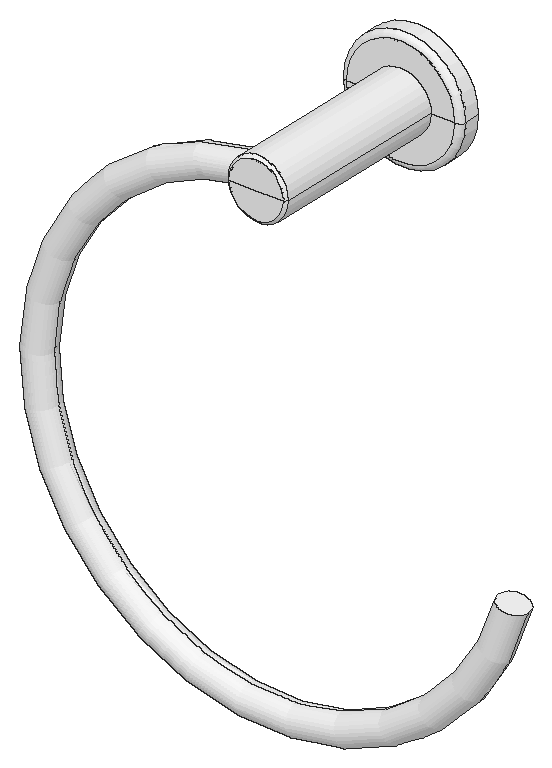
Revit family "Reece_Accessory_Mizu_Drift_Towel Ring", category Plumbing Fixtures, Revit 2018
Family settings
  Round Connector Dimension = Use Diameter
  Part Type = Normal
  Work Plane-Based = Yes
  Always vertical = Yes
  Cut with Voids When Loaded = Yes
  Shared = Yes
  Room Calculation Point = Yes
Parameters (values of type "Chrome")
  URL = "https://www.reece.com.au/product/-2202025"
  Type Comments = "Accessory"
  Reece_Product_Web Page = "https://www.reece.com.au/product/-2202025"
  Reece_Product_Type = "Accessory"
  Reece_Product_Sub Brand = "Drift"
  Reece_Product_Number = "2202025"
  Reece_Product_Mount = "Wall Mounted"
  Reece_Product_Description = "Mizu Drift Towel Ring Chrome"
  Reece_Product_Brand = "Mizu"
  Reece_Overall_Width = 167.3 mm  # constant formula
  Reece_Overall_Height = 185 mm  # constant formula
  Reece_Material_Main = Reece_Brass_Chrome
  Reece_Detail_Shape = ""
  Reece_Detail_Installation = ""
  Reece_Detail_Disclaimer = "THIS FILE IS THE PROPERTY OF THE REECE GROUP. IT MAY NOT BE REPRODUCED, REVERSE-ENGINEERED OR MODIFIED. ANY REPUBLICATION, TRANSMISSION OR DISTRIBUTION FOR THE PURPOSE OF COMMERCIALLY EXPLOITING THE FILES IS PROHIBITED."  # constant formula
  Reece_Detail_Connector = ""
  Reece_Detail_Additional = ""
  Reece_Backplate Radius = 20 mm  # constant formula
  Reece_Accessory_Projection = 67 mm  # constant formula
  Model = "Drift"
  Manufacturer = "Mizu"
  Keynote = "Product #2202025, Reece_Accessory_Mizu_Drift_Towel Ring - Chrome"
  Disclaimer = "THIS FILE IS THE PROPERTY OF THE REECE GROUP. IT MAY NOT BE REPRODUCED, REVERSE-ENGINEERED OR MODIFIED. ANY REPUBLICATION, TRANSMISSION OR DISTRIBUTION FOR THE PURPOSE OF COMMERCIALLY EXPLOITING THE FILES IS PROHIBITED."  # constant formula
  Description = "Towel Ring"
  Default Elevation = 1000 mm
Reference planes
  plane 1 "Center (Front/Back)": y = 0
  plane 2 "Bottom Host Plane": z = 0
  plane 3 "Center (Left/Right)": x = 0
Forms (mm)
  Revolve 1, solid, material "Reece_Brass_Chrome" <- "Reece_Material_Main"
    sketch origin (-497.5, 0, 0) x (-1, 0, 0) y (0, -1, 0)
      loop
        line (-497.5, 0) -> (-477.5, 0) -> (-477.5, 5)
        arc (-477.5, 5) -> (-478.086, 6.414) -> (-479.5, 7) r 2
        line (-479.5, 7) -> (-487.5, 7) -> (-487.5, 66) -> (-488.5, 67) -> (-497.5, 67) -> (-497.5, 0)
      axis (-497.5, 0) -> (-497.5, 67)
    angle from 0 to 360
  Sweep 2, solid, material "Reece_Brass_Chrome" <- "Reece_Material_Main"
    path origin (0, -57, 0) x (-1, 0, 0) y (0, 0, -1)
      loop
        arc (0, 0) -> (63.29, 128.933) -> (-77.423, 100.14) r 80
    profile origin (-63.29, -57, -128.933) x (0.791122, 0, 0.611658) y (0, -1, 0)
      loop
        circle (0, 0) r 5
Cuts and joins
  joined: Revolve 1, Sweep 2
Text (mm)
  text "Reece ©" at (2726.345, -2609.327, 2681.14), in view "Reece Preview"
  text "Reece ©" at (480.382, -277.313, -1020.679), in view "Ref. Level"
Dimensions and locks
  "Reece_Backplate Radius": Revolve 1 sketch curve to Revolve 1 sketch curve
  aligned and locked: Revolve 1 sketch curve to Revolve 1 sketch curve
Automatic sketch dimensions
  Sweep 2 sketch curve to level = 0 mm
  Sweep 2 sketch curve to plane 3 "Center (Left/Right)" = 0 mm
  Sweep 2 sketch curve to level = 80 mm
  plane 3 "Center (Left/Right)" to Sweep 2 sketch curve = 77.423 mm
  Sweep 2 sketch curve to profile plane = 0 mm  (x2)
  Revolve 1 sketch curve to plane 3 "Center (Left/Right)" = 0 mm
  plane 1 "Center (Front/Back)" to Revolve 1 sketch curve = 0 mm  (x2)
  Revolve 1 sketch curve to plane 3 "Center (Left/Right)" = 9 mm
  Revolve 1 sketch curve to plane 3 "Center (Left/Right)" = 10 mm
  Revolve 1 sketch curve to Revolve 1 sketch curve = 2 mm
  Revolve 1 sketch curve to Revolve 1 sketch curve = 5 mm
  Revolve 1 sketch curve to Revolve 1 sketch curve = 59 mm
  Revolve 1 sketch curve to Revolve 1 sketch curve = 1 mm
  Revolve 1 sketch curve to Revolve 1 sketch curve = 85 mm
  radius of Sweep 2 sketch curve = 5 mm
